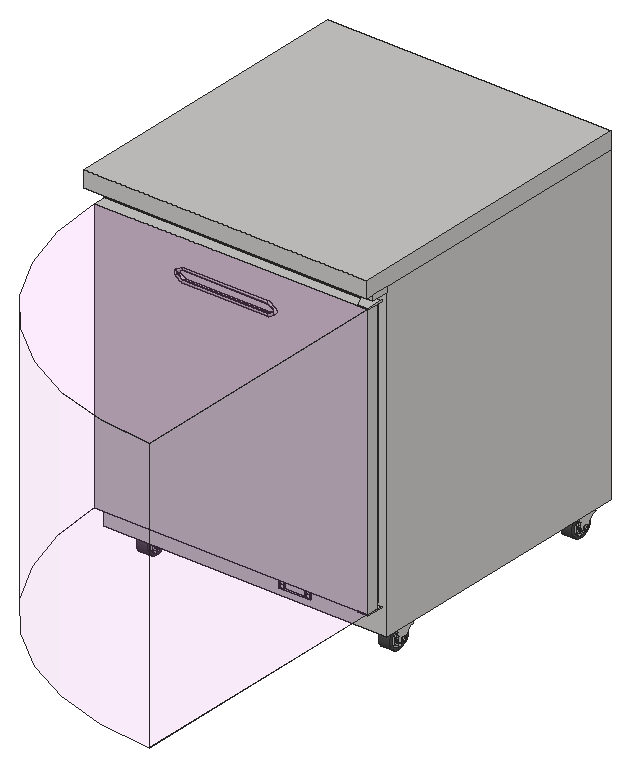
Revit family "QF_Kelvinator_738263_KCHUC27R", category Specialty Equipment, Revit 2021
Family settings
  Round Connector Dimension = Use Diameter
  Part Type = Normal
  Work Plane-Based = No
  Always vertical = Yes
  Cut with Voids When Loaded = No
  Shared = No
  Room Calculation Point = No
Parameters
  Weight in Pounds = 132.277
  Weight = 60.00 lbm
  Watts = 0 W
  Volts = 115 V
  URL Manufacturer = "KELVINATOR"
  URL Cutsheet = ""
  URL = "KELVINATOR"
  Specification by User = ""
  Specification by Manufacturer = ""
  Show Right Door [instance] = not(Show Left Door)  # yes
  Show Left Door [instance] = no
  Serial Number = ""
  Seismic Rating = ""
  SMACNA No = ""
  Revision Code = ""
  Refrigerant Type = "R600a"
  Phase = 1
  Number of Poles = 1
  NAFEM Spec ID Number = ""
  Model = "KCHUC27R"
  Min Ckt Ampacity = 0 A
  Max Overcurrent Protection = 0 A
  Masterspec = ""
  Manufacturer = "Kelvinator"
  Length Actual = 705"
  Length = 27.756"
  Item Number = "738263"
  Installed By = ""
  Identify Quantity as Lot = yes
  Height Actual = 902"
  Height = 35.512"
  HP = "0.2 HP"
  Gas KW = 0
  Furnished By = ""
  Foodservice Equipment Identifier = yes
  FL Amps = 1.5 A
  Electrical Remarks = ""
  Electric Connection Type = ""
  Elec Conn RI Height = 0"
  Elec Conn Connection Height = 0"
  Description = "1-DOOR REFRIGERATED UNDER COUNTER 27\" LONG"
  Depth Actual = 760"
  Depth = 29 15/16"
  Default Elevation = 0"
  Cycle = 60 Hz
  Conn Plug = "5-15P"
  Conn Conduit = yes
  CSI MasterFormat = ""
  Apparent Power = 0 VA
  Accessory = no
Reference planes (in)
  plane 1 "BACK": y = 0
  plane 2: z = 0
  plane 3 "LEFT": x = 0
  plane 4 "RIGHT": x = 27.756
  plane 5 "FRONT": y = -29.9375
  plane 6 "TOP": z = 35.512
  plane 7 "Center Y": x = 13.878
  plane 8 "Center X": y = -14.96875
Dimensions and locks (in)
  equal spacing: plane 3 "LEFT", plane 7 "Center Y", plane 4 "RIGHT"
  "Length": plane 3 "LEFT" to plane 4 "RIGHT"
  equal spacing: plane 5 "FRONT", plane 8 "Center X", plane 1 "BACK"
  "Depth": plane 5 "FRONT" to plane 1 "BACK"
  "Height": plane 6 "TOP" to level
  aligned and locked: level to plane 2
Nested families (in)
  nested 1: "KCHST.0001" at (0, 0, 0), Show Left Door <- "Show Left Door", Show Right Door <- "Show Right Door", type "KCHST.0001"
    with Show Right Door yes, Show Left Door no, Show Clearance yes, Length 27.756", Height 35.512", Depth 29.921"
Connectors (in)
  electrical at (13.856, -0.87772, 2.31881), driven by "Volts", driven by "Watts"
    settings: on nested 1, index 1, voltage 115 V, apparent load 0 VA, apparent load phase1 0 VA, apparent load phase2 0 VA, apparent load phase3 0 VA, power factor 1, load classification "Other", number of poles 1, system type 30, power factor state 1, is connector primary yes, connector utility no, sub classification motor no, connector description ""
Definition of nested family "KCHST.0001"
  Parameters (values of type "KCHST.0001")
    Weight in Pounds = 132.277
    URL Cutsheet = ""
    Specification by User = ""
    Specification by Manufacturer = ""
    Show Right Door [instance] = yes
    Show Left Door [instance] = yes
    Show Clearance [instance] = yes
    Serial Number = ""
    Seismic Rating = ""
    SMACNA No = ""
    Revision Code = ""
    NAFEM Spec ID Number = ""
    Masterspec = ""
    Length [instance] = 27 3/4"
    Item Number = ""
    Installed By = ""
    Identify Quantity as Lot = yes
    Height [instance] = 35 1/2"
    Furnished By = ""
    Foodservice Equipment Identifier = yes
    Depth [instance] = 29 15/16"
    Default Elevation = 0"
    CSI MasterFormat = ""
  Reference planes (in)
    plane 1 "BACK": y = 0
    plane 2: z = 0
    plane 3 "LEFT": x = 0
    plane 4 "RIGHT": x = 27.75
    plane 5 "FRONT": y = -29.9375
    plane 6 "TOP": z = 35.5
    plane 7 "Center Y": x = 13.875
    plane 8 "Center X": y = -14.96875
    plane 9: z = 3.1
    plane 10: z = 33.9
    plane 11: y = -56
    plane 12: y = -29.2
    plane 13: z = 32.4
    plane 14: z = 5.6
    plane 15: y = -27.5
    plane 16: x = 25.75
    plane 17: x = 2
    plane 18: x = 27.25
    plane 19: x = 0.5
  Forms (in)
    Extrusion 1, solid
      sketch origin (0, 0, 0) x (0, 1, 0) y (0, 0, 1)
        loop
          line (-27.5, 33.9) -> (-27.5, 3.1) -> (0, 3.1) -> (0, 33.9) -> (-27.5, 33.9)
      from 0 to 27.75
    Extrusion 2, solid
      sketch origin (0, 0, 0) x (0, 1, 0) y (0, 0, 1)
        loop
          line (-29.9375, 35.5) -> (-29.9375, 33.9) -> (0, 33.9) -> (0, 35.5) -> (-29.9375, 35.5)
      from 0 to 27.75
    Extrusion 3, solid
      sketch origin (0, 0, 0) x (0, 1, 0) y (0, 0, 1)
        loop
          line (-29.2, 33.9) -> (-29.2, 33.4) -> (-27.5, 33.4) -> (-27.5, 33.9) -> (-29.2, 33.9)
      from 0 to 27.75
    Extrusion 4, solid
      sketch origin (13.875, 6.90541, 48) x (0, 1, 0) y (0, 0, 1)
        loop
          line (-36.10541, -15.6) -> (-36.10541, -42.4) -> (-34.95211, -42.4) -> (-34.95211, -15.6) -> (-36.10541, -15.6)
      from 13.375 to -13.375
    Extrusion 5, solid
      sketch origin (0, 0, 0) x (0, 1, 0) y (0, 0, 1)
        loop
          line (-28.04671, 32.20449) -> (-28.04671, 5.81322) -> (-27.79671, 5.81322) -> (-27.79671, 32.20449) -> (-28.04671, 32.20449)
      from 0.74536 to 26.90213
    Extrusion 6, solid
      sketch origin (0, 0.25, 0) x (0, 1, 0) y (0, 0, 1)
        loop
          line (-28.04671, 32.20449) -> (-28.04671, 5.81322) -> (-27.864, 5.81322) -> (-27.864, 32.20449) -> (-28.04671, 32.20449)
      from 0.74536 to 26.90213
    Extrusion 7, solid
      sketch origin (0, 0.4327, 0) x (0, 1, 0) y (0, 0, 1)
        loop
          line (-28.04671, 32.20449) -> (-28.04671, 5.81322) -> (-27.9327, 5.81322) -> (-27.9327, 32.20449) -> (-28.04671, 32.20449)
      from 0.74536 to 26.90213
    Extrusion 8, solid
      sketch origin (-4.97957, -27.5, -4.77927) x (-1, 0, 0) y (0, 0, 1)
        loop
          line (-22.17533, 9.70772) -> (-25.32493, 9.70772) -> (-25.32493, 8.52662) -> (-22.17533, 8.52662) -> (-22.17533, 9.70772)
        loop
          line (-22.25407, 9.63107) -> (-22.64777, 9.63107) -> (-22.64777, 9.31193) -> (-22.25407, 9.31193) -> (-22.25407, 9.63107)
        loop
          line (-22.25407, 9.27674) -> (-22.64777, 9.27674) -> (-22.64777, 8.9576) -> (-22.25407, 8.9576) -> (-22.25407, 9.27674)
        loop
          line (-22.25407, 8.92241) -> (-22.64777, 8.92241) -> (-22.64777, 8.60327) -> (-22.25407, 8.60327) -> (-22.25407, 8.92241)
        loop
          line (-25.24619, 9.63107) -> (-25.24619, 9.31193) -> (-24.85249, 9.31193) -> (-24.85249, 9.63107) -> (-25.24619, 9.63107)
        loop
          line (-25.24619, 9.27674) -> (-25.24619, 8.9576) -> (-24.85249, 8.9576) -> (-24.85249, 9.27674) -> (-25.24619, 9.27674)
        loop
          line (-25.24619, 8.92241) -> (-25.24619, 8.60327) -> (-24.85249, 8.60327) -> (-24.85249, 8.92241) -> (-25.24619, 8.92241)
        loop
          line (-22.72525, 9.63107) -> (-24.77501, 9.63107) -> (-24.77501, 8.60716) -> (-22.72525, 8.60716) -> (-22.72525, 9.63107)
      from 0.07874 to -0.04602
    Extrusion 9, solid
      sketch origin (-4.97957, -27.54602, -4.77927) x (1, 0, 0) y (0, 0, 1)
        loop
          line (24.85249, 9.63107) -> (24.85249, 9.31193) -> (25.24619, 9.31193) -> (25.24619, 9.63107) -> (24.85249, 9.63107)
        loop
          line (24.85249, 9.27674) -> (24.85249, 8.9576) -> (25.24619, 8.9576) -> (25.24619, 9.27674) -> (24.85249, 9.27674)
        loop
          line (24.85249, 8.92241) -> (24.85249, 8.60327) -> (25.24619, 8.60327) -> (25.24619, 8.92241) -> (24.85249, 8.92241)
        loop
          line (22.64777, 9.63107) -> (22.25407, 9.63107) -> (22.25407, 9.31193) -> (22.64777, 9.31193) -> (22.64777, 9.63107)
        loop
          line (22.64777, 9.27674) -> (22.25407, 9.27674) -> (22.25407, 8.9576) -> (22.64777, 8.9576) -> (22.64777, 9.27674)
        loop
          line (22.64777, 8.92241) -> (22.25407, 8.92241) -> (22.25407, 8.60327) -> (22.64777, 8.60327) -> (22.64777, 8.92241)
      from 0 to -0.07874
    Extrusion 10, solid
      sketch origin (-4.97957, -27.54602, -4.77927) x (1, 0, 0) y (0, 0, 1)
        loop
          line (22.72525, 9.63107) -> (22.72525, 8.60716) -> (24.77501, 8.60716) -> (24.77501, 9.63107) -> (22.72525, 9.63107)
      from 0 to -0.07874
    Extrusion 11, void
      sketch origin (-4.97957, -27.5, -4.77927) x (-1, 0, 0) y (0, 0, 1)
        loop
          line (-22.17533, 9.70772) -> (-25.32493, 9.70772) -> (-25.32493, 8.52662) -> (-22.17533, 8.52662) -> (-22.17533, 9.70772)
      from 0 to 0.07874
    Extrusion 12, void
      sketch origin (-15.80943, -29.19996, 31.5181) x (0, 0, 1) y (1, 0, 0)
        loop
          line (-1.94791, 24.94068) -> (-1.94791, 33.29068) -> (-2.28604, 33.83168)
          arc (-2.28604, 33.83168) -> (-2.38541, 33.88676) -> (-2.48479, 33.83168) r 0.11719
          line (-2.48479, 33.83168) -> (-2.82291, 33.29068) -> (-2.82291, 24.94068) -> (-2.48621, 24.40196)
          arc (-2.48621, 24.40196) -> (-2.38541, 24.34609) -> (-2.28462, 24.40196) r 0.11887
          line (-2.28462, 24.40196) -> (-1.94791, 24.94068)
      from 0 to 0.31887
    Sweep 13, solid
      path origin (-15.80943, -26.39996, 31.5181) x (0, 0, -1) y (1, 0, 0)
        loop
          line (2.82291, 33.29068) -> (2.48479, 33.83168)
          arc (2.48479, 33.83168) -> (2.38541, 33.88676) -> (2.28604, 33.83168) r 0.11719
          line (2.28604, 33.83168) -> (1.94791, 33.29068) -> (1.94791, 24.94068) -> (2.28462, 24.40196)
          arc (2.28462, 24.40196) -> (2.38541, 24.34609) -> (2.48621, 24.40196) r 0.11887
          line (2.48621, 24.40196) -> (2.82291, 24.94068) -> (2.82291, 33.29068)
      profile origin (13.30625, -26.39996, 28.69519) x (0, 0, -1) y (0, -1, 0)
        loop
          line (0, 2.8) -> (0.25, 2.8)
          arc (0.25, 2.8) -> (0.125, 2.85269) -> (0, 2.8) r 0.17461
    Extrusion 14, solid
      sketch origin (0.56875, -3.56521, 3.1) x (-1, 0, 0) y (0, 1, 0)
        loop
          circle (-13.28125, 2.68749) r 0.25
      from 0 to 0.78119
    Extrusion 15, solid, visible <- "Show Right Door"
      sketch origin (13.875, -29.2, 32.4) x (0, 1, 0) y (-1, 0, 0)
        loop
          arc (0, 13.375) -> (-18.91511, 5.54011) -> (-26.75, -13.375) r 26.75
          line (-26.75, -13.375) -> (0, -13.375) -> (0, 13.375)
      from 0 to -26.8
    Extrusion 16, solid, visible <- "Show Right Door"
      sketch origin (13.875, -29.2, 32.4) x (0, 1, 0) y (-1, 0, 0)
        loop
          line (1.7, -13.375) -> (1.7, -11.625) -> (0, -12.375) -> (0, -13.375) -> (1.7, -13.375)
      from 0 to 0.13
    Extrusion 17, solid, visible <- "Show Right Door"
      sketch origin (13.875, -28.04671, 5.6) x (-1, 0, 0) y (0, 1, 0)
        loop
          line (-13.375, 0.54671) -> (-13.375, -1.15329) -> (-12.375, -1.15329) -> (-11.625, 0.54671) -> (-13.375, 0.54671)
      from 0 to 0.13
    Extrusion 18, solid, visible <- "Show Left Door"
      sketch origin (13.875, -29.2, 32.4) x (0, 1, 0) y (-1, 0, 0)
        loop
          line (1.7, 13.375) -> (0, 13.375) -> (0, 12.375) -> (1.7, 11.625) -> (1.7, 13.375)
      from 0 to 0.13
    Extrusion 19, solid, visible <- "Show Left Door"
      sketch origin (13.875, -28.04671, 5.6) x (-1, 0, 0) y (0, 1, 0)
        loop
          line (13.375, 0.54671) -> (11.625, 0.54671) -> (12.375, -1.15329) -> (13.375, -1.15329) -> (13.375, 0.54671)
      from 0 to 0.13
    Extrusion 20, solid, visible <- "Show Left Door"
      sketch origin (13.875, -29.2, 32.4) x (0, 1, 0) y (-1, 0, 0)
        loop
          line (0, -13.375) -> (0, 13.375) -> (-26.75, 13.375)
          arc (-26.75, 13.375) -> (-18.91511, -5.54011) -> (0, -13.375) r 26.75
      from 0 to -26.8
  Cuts and joins
    Extrusion 11 cuts Extrusion 8
    Extrusion 12 cuts Extrusion 4
  Lines and regions (in)
    symbolic lines
      curve 1: line (27.75, -29.9375, 0) -> (27.75, 0, 0)
      curve 2: line (27.75, 0, 0) -> (0, 0, 0)
      curve 3: line (0, 0, 0) -> (0, -29.9375, 0)
      curve 4: line (0, -29.9375, 0) -> (27.75, -29.9375, 0)
    symbolic lines, visible <- "Show Right Door"
      curve 5: arc (0.50346, -29.9375, 0) -> (1.50631, -36.49273, 0) -> (4.09052, -42.6, 0) r 26.75671
      curve 6: line (4.09052, -42.6, 0) -> (25.97261, -29.9375, 0)
    symbolic lines, visible <- "Show Left Door"
      curve 7: arc (27.24654, -29.9375, 0) -> (26.24369, -36.49273, 0) -> (23.65948, -42.6, 0) r 26.75671
      curve 8: line (23.65948, -42.6, 0) -> (1.77739, -29.9375, 0)
  Dimensions and locks (in)
    equal spacing: plane 3 "LEFT", plane 7 "Center Y", plane 4 "RIGHT"
    "Length": plane 3 "LEFT" to plane 4 "RIGHT"
    equal spacing: plane 5 "FRONT", plane 8 "Center X", plane 1 "BACK"
    "Depth": plane 5 "FRONT" to plane 1 "BACK"
    "Height": plane 6 "TOP" to level
    level to plane 9 = 3.1"
    plane 10 to plane 9 = 30.8"
    plane 11 to plane 1 "BACK" = 56"
    plane 14 to plane 13 = 26.8"
    locked: plane 4 "RIGHT" to plane 16 at 2
    locked: plane 3 "LEFT" to plane 17 at 2
    locked: plane 19 to plane 3 "LEFT" at 0.5
    locked: plane 18 to plane 4 "RIGHT" at 0.5
    plane 9 to plane 6 "TOP" = 32.4"
    plane 3 "LEFT" to plane 4 "RIGHT" = 27 3/4"
    aligned and locked: level to plane 2
    aligned and locked: plane 16 to nested 1
    aligned and locked: nested 2 to plane 17
    aligned and locked: Extrusion 1 to plane 4 "RIGHT"
    aligned and locked: plane 4 "RIGHT" to Extrusion 1
    aligned and locked: Extrusion 3 to plane 4 "RIGHT"
    aligned and locked: Extrusion 2 to plane 4 "RIGHT"
    aligned and locked: plane 18 to cut or joined group of Extrusion 4, Extrusion 12
    aligned and locked: cut or joined group of Extrusion 4, Extrusion 12 to plane 19
    aligned and locked: plane 16 to nested 3
  Automatic sketch dimensions
    plane 1 "BACK" to curve 3 = 0"
    curve 3 to plane 3 "LEFT" = 0"
    curve 7 to plane 12 = 0"
    curve 7 to plane 19 = 0"
    plane 5 "FRONT" to curve 5 = 0"
    curve 5 to plane 12 = 0"
    curve 5 to plane 18 = 0"
    curve 1 to plane 4 "RIGHT" = 0"
    curve 6 to plane 17 = 2.09052"
    curve 8 to plane 16 = 2.09052"
    plane 5 "FRONT" to curve 6 = 12.6625"
    plane 5 "FRONT" to curve 8 = 12.6625"
    plane 17 to curve 8 = 0.22261"
    plane 16 to curve 6 = 0.22261"
    plane 9 to Extrusion 1 sketch curve = 0"
    Extrusion 1 sketch curve to plane 15 = 0"
    Extrusion 1 sketch curve to plane 1 "BACK" = 0"
    Extrusion 1 sketch curve to plane 10 = 0"
    Extrusion 2 sketch curve to plane 5 "FRONT" = 0"
    Extrusion 2 sketch curve to plane 1 "BACK" = 0"
    Extrusion 2 sketch curve to plane 10 = 0"
    Extrusion 2 sketch curve to plane 6 "TOP" = 0"
    Extrusion 3 sketch curve to plane 10 = 0"
    Extrusion 3 sketch curve to plane 12 = 0"
    Extrusion 3 sketch curve to plane 15 = 0"
    Extrusion 3 sketch curve to Extrusion 3 sketch curve = 1/2"
    Extrusion 4 sketch curve to plane 12 = 0"
    plane 14 to Extrusion 4 sketch curve = 0"
    plane 13 to Extrusion 4 sketch curve = 0"
    Extrusion 4 sketch curve to plane 15 = 0.54671"
    Extrusion 5 sketch curve to plane 14 = 0.21322"
    Extrusion 5 sketch curve to plane 15 = 0.54671"
    Extrusion 5 sketch curve to Extrusion 5 sketch curve = 1/4"
    plane 13 to Extrusion 5 sketch curve = 0.19551"
    Extrusion 6 sketch curve to plane 15 = 0.29671"
    Extrusion 6 sketch curve to plane 15 = 0.114"
    Extrusion 6 sketch curve to plane 14 = 0.21322"
    plane 13 to Extrusion 6 sketch curve = 0.19551"
    Extrusion 7 sketch curve to plane 15 = 0"
    Extrusion 7 sketch curve to Extrusion 7 sketch curve = 0.114"
    Extrusion 7 sketch curve to plane 14 = 0.21322"
    plane 13 to Extrusion 7 sketch curve = 0.19551"
    plane 14 to Extrusion 8 sketch curve = 0.67154"
    Extrusion 8 sketch curve to plane 16 = 5.40464"
    Extrusion 8 sketch curve to Extrusion 8 sketch curve = 0.07874"  (x3)
    Extrusion 8 sketch curve to Extrusion 8 sketch curve = 0"  (x7)
    Extrusion 8 sketch curve to Extrusion 8 sketch curve = 0.3937"  (x2)
    Extrusion 8 sketch curve to Extrusion 8 sketch curve = 0.07748"  (x3)
    Extrusion 8 sketch curve to plane 9 = 0.72789"
    Extrusion 8 sketch curve to Extrusion 8 sketch curve = 2.04976"
    Extrusion 8 sketch curve to Extrusion 8 sketch curve = 1/256"  (x2)
    Extrusion 8 sketch curve to Extrusion 8 sketch curve = 0.07665"  (x3)
    Extrusion 8 sketch curve to Extrusion 8 sketch curve = 0.31914"  (x4)
    Extrusion 8 sketch curve to Extrusion 8 sketch curve = 0.03519"  (x4)
    Extrusion 8 to Extrusion 9 sketch curve = 0"  (x10)
    Extrusion 9 sketch curve to Extrusion 8 = 0"  (x14)
    Extrusion 10 sketch curve to Extrusion 8 = 0"  (x3)
    Extrusion 8 to Extrusion 10 sketch curve = 0"
    plane 14 to Extrusion 11 sketch curve = 0.67154"
    Extrusion 11 sketch curve to plane 16 = 5.40464"
    Extrusion 11 sketch curve to plane 9 = 0.64735"
    Extrusion 11 sketch curve to Extrusion 11 sketch curve = 3.14961"
    plane 13 to Extrusion 12 sketch curve = 3.70481"
    Extrusion 12 sketch curve to Extrusion 12 sketch curve = 0.3367"
    Extrusion 12 sketch curve to Extrusion 12 sketch curve = 0.33813"  (x2)
    Extrusion 12 sketch curve to Extrusion 12 sketch curve = 0.09937"  (x2)
    Extrusion 12 sketch curve to Extrusion 12 sketch curve = 0.1008"  (x2)
    Extrusion 12 sketch curve to plane 7 "Center Y" = 5.28247"
    Extrusion 12 sketch curve to Extrusion 12 sketch curve = 0.063"
    Extrusion 12 sketch curve to Extrusion 12 sketch curve = 0.53872"  (x2)
    plane 7 "Center Y" to Extrusion 12 sketch curve = 3.60625"
    Extrusion 12 sketch curve to Extrusion 12 sketch curve = 0"
    Extrusion 12 sketch curve to Extrusion 12 sketch curve = 0.47889"
    Extrusion 12 sketch curve to Extrusion 12 sketch curve = 0.06211"
    plane 13 to Sweep 13 sketch curve = 2.82981"
    Sweep 13 sketch curve to Sweep 13 sketch curve = 0.3367"
    Sweep 13 sketch curve to Sweep 13 sketch curve = 0.33813"  (x2)
    Sweep 13 sketch curve to Sweep 13 sketch curve = 0.09937"  (x2)
    Sweep 13 sketch curve to Sweep 13 sketch curve = 0.1008"  (x2)
    Sweep 13 sketch curve to plane 7 "Center Y" = 5.28247"
    Sweep 13 sketch curve to Sweep 13 sketch curve = 0.063"
    Sweep 13 sketch curve to Sweep 13 sketch curve = 0.53872"  (x2)
    plane 7 "Center Y" to Sweep 13 sketch curve = 3.60625"
    Sweep 13 sketch curve to Sweep 13 sketch curve = 0"
    Sweep 13 sketch curve to Sweep 13 sketch curve = 0.47889"
    Sweep 13 sketch curve to Sweep 13 sketch curve = 0.06211"
    Sweep 13 sketch curve to profile plane = 0"
    Sweep 13 sketch curve to profile plane = 1/8"
    profile plane to Sweep 13 sketch curve = 2.67809"
    Sweep 13 sketch curve to Sweep 13 sketch curve = 0.12191"
    Extrusion 1 to Extrusion 14 sketch curve = 0.87772"
    Extrusion 14 sketch curve to Extrusion 1 = 13.9"
    Extrusion 15 sketch curve to Extrusion 4 = 0"  (x2)
    Extrusion 4 to Extrusion 15 sketch curve = 0"
    Extrusion 4 to Extrusion 16 sketch curve = 0"
    Extrusion 16 sketch curve to Extrusion 4 = 0"
    Extrusion 4 to Extrusion 16 sketch curve = 0.54671"
    Extrusion 4 to Extrusion 16 sketch curve = 1"
    Extrusion 4 to Extrusion 16 sketch curve = 1 3/4"
    Extrusion 17 sketch curve to Extrusion 4 = 0"
    Extrusion 4 to Extrusion 17 sketch curve = 0"
    Extrusion 17 sketch curve to Extrusion 4 = 1"
    Extrusion 17 sketch curve to Extrusion 4 = 0.54671"
    Extrusion 17 sketch curve to Extrusion 4 = 1 3/4"
    Extrusion 4 to Extrusion 18 sketch curve = 0"
    Extrusion 18 sketch curve to Extrusion 4 = 0"
    Extrusion 4 to Extrusion 18 sketch curve = 0.54671"
    Extrusion 4 to Extrusion 18 sketch curve = 1"
    Extrusion 4 to Extrusion 18 sketch curve = 1 3/4"
    Extrusion 4 to Extrusion 19 sketch curve = 0"
    Extrusion 19 sketch curve to Extrusion 4 = 0"
    Extrusion 19 sketch curve to Extrusion 4 = 1"
    Extrusion 19 sketch curve to Extrusion 4 = 0.54671"
    Extrusion 19 sketch curve to Extrusion 4 = 1 3/4"
    Extrusion 20 sketch curve to Extrusion 4 = 0"  (x3)
    radius of Extrusion 14 sketch curve = 1/4"
  Nested families (in)
    nested 1: "3 INCHES 01_CASTER" at (25.75, -24.75, 0), type "3 INCHES 01_CASTER"
      with Type Mark "", Specification by User "", Revision Code "", Item Number "", Installed By "", Identify Quantity as Lot yes, Furnished By "", Foodservice Equipment Identifier yes, 3 Inches Caster yes
    nested 2: "3 INCHES 01_CASTER" at (2, -24.75, 0), type "3 INCHES 01_CASTER"
      with Type Mark "", Specification by User "", Revision Code "", Item Number "", Installed By "", Identify Quantity as Lot yes, Furnished By "", Foodservice Equipment Identifier yes, 3 Inches Caster yes
    nested 3: "3 INCHES 01_CASTER" at (25.75, -2.375, 0), type "3 INCHES 01_CASTER"
      with Type Mark "", Specification by User "", Revision Code "", Item Number "", Installed By "", Identify Quantity as Lot yes, Furnished By "", Foodservice Equipment Identifier yes, 3 Inches Caster yes
    nested 4: "3 INCHES 01_CASTER" at (2, -2.375, 0), type "3 INCHES 01_CASTER"
      with Type Mark "", Specification by User "", Revision Code "", Item Number "", Installed By "", Identify Quantity as Lot yes, Furnished By "", Foodservice Equipment Identifier yes, 3 Inches Caster yes
  Definition of nested family "3 INCHES 01_CASTER"
    Parameters (values of type "3 INCHES 01_CASTER")
      Weight = ""
      URL Manufacturer = ""
      URL Cutsheet = ""
      URL = ""
      Type Mark [instance] = ""
      Specification by User [instance] = ""
      Specification by Manufacturer = ""
      Serial Number = ""
      Seismic Rating = ""
      SMACNA No = ""
      Revision Code [instance] = ""
      Omniclass Number and Title = ""
      NAFEM Spec ID Number = ""
      Model = ""
      MasterSpec. = ""
      Manufacturer = ""
      Item Number [instance] = ""
      Installed By [instance] = ""
      Identify Quantity as Lot [instance] = yes
      Furnished By [instance] = ""
      Foodservice Equipment Identifier [instance] = yes
      Description = ""
      Default Elevation = 0"
      CSI MasterFormat = ""
      CSI Master Format = ""
      Assembly Code = ""
      3 Inches Caster [instance] = yes
    Reference planes (in)
      plane 1: z = 0
      plane 2 "RIGHT": x = 0
      plane 3 "FRONT": y = 0
      plane 4 "TOP": z = 3.1
    Forms (in)
      Revolve 1, solid, visible <- "3 Inches Caster"
        sketch origin (-1.93794, 0.56004, -1.0041) x (1, 0, 0) y (0, 0, 1)
          loop
            line (0.74055, 2.11347) -> (0.74055, 2.03797) -> (0.79055, 1.98797) -> (0.85055, 1.98797) -> (0.85055, 1.8679) -> (1.235, 1.8679) -> (1.235, 1.7068) -> (1.36441, 1.63209) -> (1.4003, 1.41035) -> (1.34375, 1.41035) -> (1.34375, 1.28535) -> (1.375, 1.28535) -> (1.375, 1.0041) -> (2.48438, 1.0041) -> (2.48438, 1.28535) -> (2.51563, 1.28535) -> (2.51563, 1.41035) -> (2.45908, 1.41035) -> (2.49553, 1.6356) -> (2.62438, 1.70999) -> (2.62438, 1.8679) -> (3.04007, 1.8679) -> (3.04007, 1.98797) -> (3.10007, 1.98797) -> (3.15007, 2.03797) -> (3.15007, 2.11347) -> (0.74055, 2.11347)
          axis (0.74055, 2.11347) -> (3.15007, 2.11347)
        angle from 0 to 360
      Extrusion 2, solid, visible <- "3 Inches Caster"
        sketch origin (-1.93794, 1.35294, -3.2541) x (0, 1, 0) y (0, 0, 1)
          loop
            line (-0.41094, 5.86793) -> (-0.41094, 6.01276) -> (-2.29494, 6.01276) -> (-2.29494, 5.71244) -> (-1.82301, 5.71244)
            arc (-1.82301, 5.71244) -> (-1.00307, 5.59865) -> (-0.19592, 5.41488) r 9.6332
            arc (-0.19592, 5.41488) -> (0.12646, 5.29481) -> (0.42224, 5.11916) r 1.92059
            line (0.42224, 5.11916) -> (0.51314, 5.245)
            arc (0.51314, 5.245) -> (0.27353, 5.42569) -> (0.01201, 5.5729) r 2.25036
            line (0.01201, 5.5729) -> (0.09371, 5.71426)
            arc (0.09371, 5.71426) -> (-0.15272, 5.81043) -> (-0.41094, 5.86793) r 1.73151
        from 1.17357 to 2.70231
      Revolve 3, solid, visible <- "3 Inches Caster"
        sketch origin (0, 1.73858, -3.25) x (0, 1, 0) y (0, 0, 1)
          loop
            line (-1.73858, 6.35) -> (-1.73858, 6.00866) -> (-0.93293, 6.00866) -> (-0.93293, 6.35) -> (-1.73858, 6.35)
          axis (-1.73858, 6.00866) -> (-1.73858, 6.35)
        angle from 0 to 360
      Extrusion 4, solid, visible <- "3 Inches Caster"
        sketch origin (-1.98481, 1.35294, -1.7541) x (0, 1, 0) y (0, 0, 1)
          loop
            line (-2.29494, 4.51276) -> (-2.29494, 4.21244) -> (-2.2074, 4.21244)
            arc (-2.2074, 4.21244) -> (-1.58796, 3.87196) -> (-1.3103, 3.22193) r 1.0835
            arc (-1.3103, 3.22193) -> (-1.27304, 2.98711) -> (-1.19616, 2.76214) r 1.38462
            arc (-1.19616, 2.76214) -> (-0.77704, 2.49744) -> (-0.37393, 2.78593) r 0.44401
            arc (-0.37393, 2.78593) -> (-0.35491, 2.84407) -> (-0.34077, 2.90358) r 0.74034
            arc (-0.34077, 2.90358) -> (-0.07302, 3.38916) -> (0.4279, 3.62699) r 0.90376
            line (0.4279, 3.62699) -> (0.51314, 3.745)
            arc (0.51314, 3.745) -> (0.27353, 3.92569) -> (0.01201, 4.0729) r 2.25036
            line (0.01201, 4.0729) -> (0.09371, 4.21426)
            arc (0.09371, 4.21426) -> (-0.15272, 4.31043) -> (-0.41094, 4.36793) r 1.73151
            line (-0.41094, 4.36793) -> (-0.41094, 4.51276) -> (-2.29494, 4.51276)
        from 2.74918 to 2.90825
      Extrusion 5, solid, visible <- "3 Inches Caster"
        sketch origin (1.98481, 1.35294, -1.7541) x (0, 1, 0) y (0, 0, -1)
          loop
            line (-2.29494, -4.51276) -> (-0.41094, -4.51276) -> (-0.41094, -4.36793)
            arc (-0.41094, -4.36793) -> (-0.15272, -4.31043) -> (0.09371, -4.21426) r 1.73151
            line (0.09371, -4.21426) -> (0.01201, -4.0729)
            arc (0.01201, -4.0729) -> (0.27353, -3.92569) -> (0.51314, -3.745) r 2.25036
            line (0.51314, -3.745) -> (0.4279, -3.62699)
            arc (0.4279, -3.62699) -> (-0.07302, -3.38916) -> (-0.34077, -2.90358) r 0.90376
            arc (-0.34077, -2.90358) -> (-0.35491, -2.84407) -> (-0.37393, -2.78593) r 0.74034
            arc (-0.37393, -2.78593) -> (-0.77704, -2.49744) -> (-1.19616, -2.76214) r 0.44401
            arc (-1.19616, -2.76214) -> (-1.27304, -2.98711) -> (-1.3103, -3.22193) r 1.38462
            arc (-1.3103, -3.22193) -> (-1.58796, -3.87196) -> (-2.2074, -4.21244) r 1.0835
            line (-2.2074, -4.21244) -> (-2.29494, -4.21244) -> (-2.29494, -4.51276)
        from 2.74918 to 2.90825
    Cuts and joins
      joined: Extrusion 2, Extrusion 4, Extrusion 5
    Lines and regions (in)
      symbolic lines, visible <- "3 Inches Caster"
        curve 1: line (0.1877, 1.65194, 0) -> (0.89063, 1.2461, 0)
        curve 2: line (-1.00175, -0.40823, 0) -> (0.1877, 1.65194, 0)
        curve 3: line (-0.29881, -0.81407, 0) -> (-1.00175, -0.40823, 0)
        curve 4: line (0.89063, 1.2461, 0) -> (-0.29881, -0.81407, 0)
    Dimensions and locks (in)
      plane 4 "TOP" to level = 3.1"  (x2)
      aligned and locked: level to plane 1
